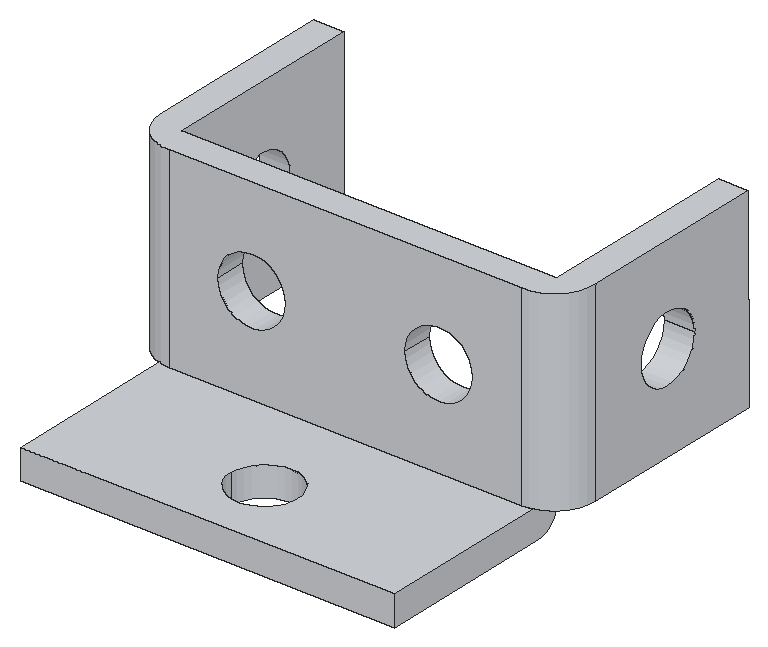
Revit family "Post_Base-Unistrut-P2453", category Specialty Equipment, Revit 2012
Parameters (values of type "P2453")
  ecoScorecard_data = "http://products.ecoscorecard.com/atkore/P2453"
  ecoScorecard Product Page = "http://products.ecoscorecard.com/atkore/P2453?action=html"
  Weight Per Piece = 1.16 lbf
  Unit = none
  Unistrut Part Number = "P2453"  # constant formula
  URL = "http://unistrut.us/index.php"
  Thickness = 0' - 0 1/4"  # constant formula
  Subcategory = "Post Bases"  # constant formula
  Product Page URL = "http://unistrut.us/index.php?WP=cat_detail&S=S05&P=P2453"
  Power Strut Part Number = "PS 3041"  # constant formula
  Part Type = "Post Base"  # constant formula
  Overall Width = 0' - 3 1/8"  # constant formula
  Overall Length = 0' - 2 5/16"  # constant formula
  Overall Height = 0' - 1 7/8"  # constant formula
  Model = "P2453"  # constant formula
  Material = ""
  Manufacturer Phone - Toll Free = "800-882-5543"  # constant formula
  Manufacturer Phone = "708-339-1610"  # constant formula
  Manufacturer Fax = "708-339-7814"  # constant formula
  Manufacturer Email = "mailto:jshaw@atkore.com"
  Manufacturer Address = "16100 South Lathrop Avenue, Harvey, IL 60426"  # constant formula
  Manufacturer = "Unistrut by Atkore International"  # constant formula
  Load Capacity Note = "Visit the product page for load application and capacity."  # constant formula
  Literature URL = "http://unistrut.us/index.php?WP=LItLibrary"
  Hole Diameter = 0' - 0 9/16"
  Cost Info = "mailto:jshaw@atkore.com"
  CAD URL = "http://unistrut.us/index.php?WP=CAD3d"
  Assembly Code = "D5020100"
  95 CSI = "16070"  # constant formula
  04 CSI = "26 05 48"  # constant formula
Reference planes (in)
  plane 1 "Center (Front/Back)": y = 0
  plane 2: z = 0
  plane 3 "Center (Left/Right)": x = 0
  plane 4: y = 1.15625
  plane 5: y = -1.15625
  plane 6: x = 1.5625
  plane 7: x = -1.5625
  plane 8: y = -1.625
  plane 9: z = 1.0625
  plane 10: z = 1.875
  plane 11: x = 0.78125
  plane 12: x = -0.78125
Dimensions and locks (in)
  equal spacing: plane 5, plane 1 "Center (Front/Back)", plane 4
  "Overall Length": plane 4 to plane 5
  equal spacing: plane 7, plane 3 "Center (Left/Right)", plane 6
  "Overall Width": plane 7 to plane 6
  "Overall Height": plane 10 to level
  aligned and locked: level to plane 2
  aligned and locked: nested 1 to level
  aligned and locked: nested 1 to plane 3 "Center (Left/Right)"
  aligned and locked: nested 1 to plane 4
Nested families (in)
  nested 1: "2453" at (0, -0.53125, 0) x (1, 0, 0) z (0, -1, 0), type "2453"
Definition of nested family "2453"
  Parameters (values of type "P253")
    Width = 0' - 3 1/8"
    Unit = none
    Thickness = 0' - 0 1/4"
    Height = 0' - 1 7/8"
    Radiuis = Diameter / 2  # 0' - 0 9/32"
    Length = 0' - 2 5/16"
    Diameter = 0' - 0 9/16"
    Default Elevation = 0' - 0"
  Reference planes (in)
    plane 1 "Center (Front/Back)": y = 0
    plane 2: z = 0
    plane 3 "Center (Left/Right)": x = 0
    plane 4: y = -1.875
    plane 5: y = -0.25
    plane 6: x = -1.5625
    plane 7: x = 1.5625
    plane 8: z = -0.84375
    plane 9: z = 1.09375
    plane 10: z = 1.6875
  Forms (in)
    Extrusion 1, solid, material <- "Unit"
      sketch origin (0, 0, 0.53125) x (1, 0, 0) y (0, 0, 1)
        loop
          line (1.5625, -2.21875) -> (1.8125, -2.21875) -> (1.8125, -0.625)
          arc (1.8125, -0.625) -> (1.71182, -0.38193) -> (1.46875, -0.28125) r 0.34375
          line (1.46875, -0.28125) -> (-1.46843, -0.28125)
          arc (-1.46843, -0.28125) -> (-1.71172, -0.38203) -> (-1.8125, -0.62532) r 0.34407
          line (-1.8125, -0.62532) -> (-1.8125, -2.21875) -> (-1.5625, -2.21875) -> (-1.5625, -0.53125) -> (1.5625, -0.53125) -> (1.5625, -2.21875)
      from 0.25 to 1.875
    Extrusion 2, solid, material <- "Unit"
      sketch origin (0, 0, 0.53125) x (0, 0, -1) y (0, 1, 0)
        loop
          line (-1.15625, -0.25) -> (0.53125, -0.25) -> (0.53125, -0.1933)
          arc (0.53125, -0.1933) -> (0.47463, -0.05662) -> (0.33795, 0) r 0.1933
          line (0.33795, 0) -> (-1.15625, 0) -> (-1.15625, -0.25)
      from -1.5625 to 1.5625
    Extrusion 3, void
      sketch origin (0, 0, 0.53125) x (1, 0, 0) y (0, 1, 0)
        loop
          circle (0.78125, -1.0625) r 0.28125
        loop
          circle (-0.78125, -1.0625) r 0.28125
      from -0.53125 to -0.28125
    Extrusion 4, void
      sketch origin (0, 0, 0.53125) x (0, 0, -1) y (0, 1, 0)
        loop
          circle (1.375, -1.0625) r 0.28125
      from -1.8125 to 1.8125
    Extrusion 5, void
      sketch origin (0, 0, 0.53125) x (1, 0, 0) y (0, 0, 1)
        loop
          circle (0, 0.5625) r 0.28125
      from 0 to 0.25
  Cuts and joins
    Extrusion 3, Extrusion 4 cuts Extrusion 1
    Extrusion 5 cuts Extrusion 2
    joined: Extrusion 1, Extrusion 2
  Dimensions and locks (in)
    plane 1 "Center (Front/Back)" to plane 5 = 0' - 0 1/4"
    "Height": plane 1 "Center (Front/Back)" to plane 4
    cut or joined group of Extrusion 1, Extrusion 2, Extrusion 3, Extrusion 4, Extrusion 5 to cut or joined group of Extrusion 1, Extrusion 2, Extrusion 3, Extrusion 4, Extrusion 5 = 0' - 1 11/16"
    "Width": plane 6 to plane 7
    plane 9 to plane 8 = 0' - 1 15/16"
    "Radiuis": radius of Extrusion 3 sketch curve  (x2)
    "Radiuis": radius of Extrusion 4 sketch curve
    "Radiuis": radius of Extrusion 5 sketch curve
    aligned and locked: level to plane 2
    aligned and locked: Extrusion 1 to Extrusion 3  (x2)
    aligned and locked: Extrusion 4 to Extrusion 1  (x2)
    aligned and locked: Extrusion 2 to Extrusion 5
    aligned and locked: plane 9 to Extrusion 5 sketch curve
  Automatic sketch dimensions
    Extrusion 1 sketch curve to level = 0' - 0"
    Extrusion 1 sketch curve to level = 0' - 0.09407"
    Extrusion 1 sketch curve to plane 3 "Center (Left/Right)" = 0' - 1 13/16"
    Extrusion 1 sketch curve to Extrusion 1 sketch curve = 0' - 0 1/4"
    level to Extrusion 1 sketch curve = 0' - 0 1/4"
    plane 3 "Center (Left/Right)" to Extrusion 1 sketch curve = 0' - 1 15/32"
    Extrusion 1 sketch curve to Extrusion 1 sketch curve = 0' - 0 3/32"
    Extrusion 1 sketch curve to level = 0' - 0 3/32"
    Extrusion 1 sketch curve to Extrusion 1 sketch curve = 0' - 1.59343"
    Extrusion 1 sketch curve to Extrusion 1 sketch curve = 0' - 1 19/32"
    Extrusion 2 sketch curve to plane 1 "Center (Front/Back)" = 0' - 0"
    Extrusion 2 sketch curve to level = 0' - 0"
    level to Extrusion 2 sketch curve = 0' - 0.1933"
    plane 1 "Center (Front/Back)" to Extrusion 2 sketch curve = 0' - 0 1/4"
    Extrusion 2 sketch curve to Extrusion 2 sketch curve = 0' - 1.4942"
    Extrusion 3 sketch curve to plane 3 "Center (Left/Right)" = 0' - 0 25/32"
    plane 3 "Center (Left/Right)" to Extrusion 3 sketch curve = 0' - 0 25/32"
    plane 1 "Center (Front/Back)" to Extrusion 3 sketch curve = 0' - 1 1/16"  (x2)
    Extrusion 4 sketch curve to level = 0' - 0 27/32"
    plane 1 "Center (Front/Back)" to Extrusion 4 sketch curve = 0' - 1 1/16"
    Extrusion 5 sketch curve to plane 3 "Center (Left/Right)" = 0' - 0"
